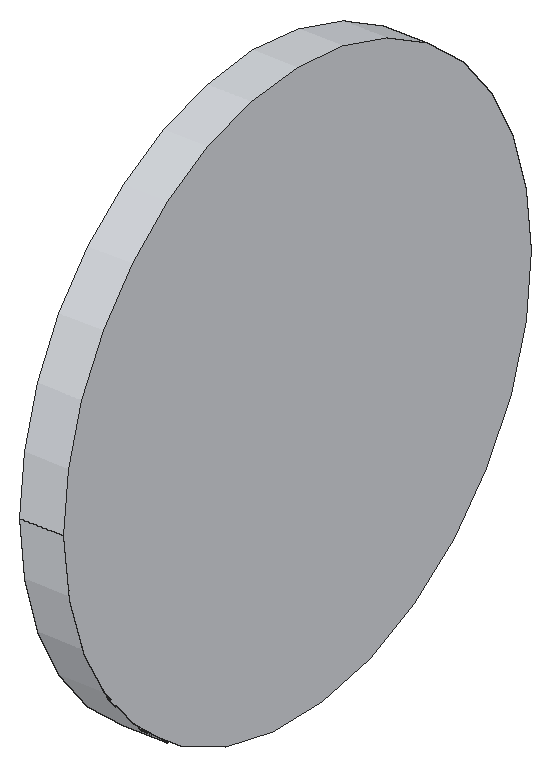
Revit family "00aefa598adc4432adadfe271bab5031", category Pipe Fittings, Revit 2021
Family settings
  Round Connector Dimension = Use Radius
  Part Type = Flange
  OmniClass Number = 23.60.30.11.14
  OmniClass Title = Pipework Fittings
  Seek Item ID = Flange - Threaded - GI - Class 250-0000-USA-ENU
  Work Plane-Based = No
  Always vertical = Yes
  Cut with Voids When Loaded = No
  Shared = No
Parameters (values of type "Standard")
  Tick Size [instance] = Flange Diameter * 0.4  # 3.8440"
  Nominal Radius [instance] = 2.0000"
  Nominal Diameter [instance] = Nominal Radius * 2  # 4.0000"
  Loss Method = Not Defined
  Lookup Table Name = "Flange - Ring - Steel - Class 150"
  Flange Thickness [instance] = size_lookup(Lookup Table Name, "FThk", 0.03 * Nominal Diameter + 0.6100", Nominal Diameter)  # 0.7300"
  Flange Radius [instance] = Flange Diameter / 2  # 4.8050"
  Flange Diameter [instance] = size_lookup(Lookup Table Name, "FDia", 1.13 * Nominal Diameter + 5.0900", Nominal Diameter)  # 9.6100"
  Default Elevation = 0.0000"
Reference planes (in)
  plane 1 "Center (Front/Back)": y = 0
  plane 2: z = 0
  plane 3 "Center (Left/Right)": x = 0
  plane 4: y = 3.844
  plane 5: y = -3.844
  plane 6: x = 0.73
Forms (in)
  Extrusion 1, solid, detail levels fine
    sketch origin (0, 0, 0) x (0, 1, 0) y (0, 0, 1)
      loop
        circle (0, 0) r 4.805
    from 0 to 0.73
Lines and regions (in)
  model lines, detail levels coarse+medium
    curve 1: line (0.365, 3.844, 0) -> (0.365, -3.844, 0)
  model lines, style "PipeFitting", detail levels coarse+medium
    curve 2: line (0.73, 0, 0) -> (0, 0, 0)
Dimensions and locks (in)
  equal spacing: plane 4, plane 1 "Center (Front/Back)", plane 5
  "Tick Size": plane 4 to plane 1 "Center (Front/Back)"
  "Flange Thickness": plane 3 "Center (Left/Right)" to plane 6
  equal spacing: plane 3 "Center (Left/Right)", curve 1, plane 6
  "Flange Radius": radius of Extrusion 1 sketch curve
  aligned and locked: plane 4 to curve 1
  aligned and locked: plane 5 to curve 1
  aligned and locked: plane 1 "Center (Front/Back)" to curve 2
  aligned and locked: plane 6 to Extrusion 1
  aligned and locked: plane 6 to curve 2
  aligned and locked: Extrusion 1 to plane 3 "Center (Left/Right)"
  aligned and locked: plane 3 "Center (Left/Right)" to curve 2
Automatic sketch dimensions
  Extrusion 1 sketch curve to level = 0.0000"
  Extrusion 1 sketch curve to plane 1 "Center (Front/Back)" = 0.0000"
Connectors (in)
  piping at (0, 0, 0), diameter 4, driven by "Nominal Radius"
    settings: on Extrusion 1, index 1, connector inside diameter 4.0000", connector length 0.0000", flow factor 0, pipe flow 0 GPM, pressure drop 0.00 psi, fitting loss kfactor 0, connector angle 0.00°, fixture units 0, engagement length 0.0000", angle of deflection 0.00°, flow configuration 0, flow direction 0, fitting loss method 0, system type 28, joint type 0, gender type 0, connector reference index 2, connector utility 0, adjustable connector no, is connector primary yes, connector description ""
  piping at (0.73, 0, 0), diameter 4, driven by "Nominal Radius"
    settings: on Extrusion 1, index 2, connector inside diameter 4.0000", connector length 0.0000", flow factor 0, pipe flow 0 GPM, pressure drop 0.00 psi, fitting loss kfactor 0, connector angle 0.00°, fixture units 0, engagement length 0.0000", angle of deflection 0.00°, flow configuration 0, flow direction 0, fitting loss method 0, system type 28, joint type 0, gender type 0, connector reference index 1, connector utility 0, adjustable connector no, is connector primary no, connector description ""
